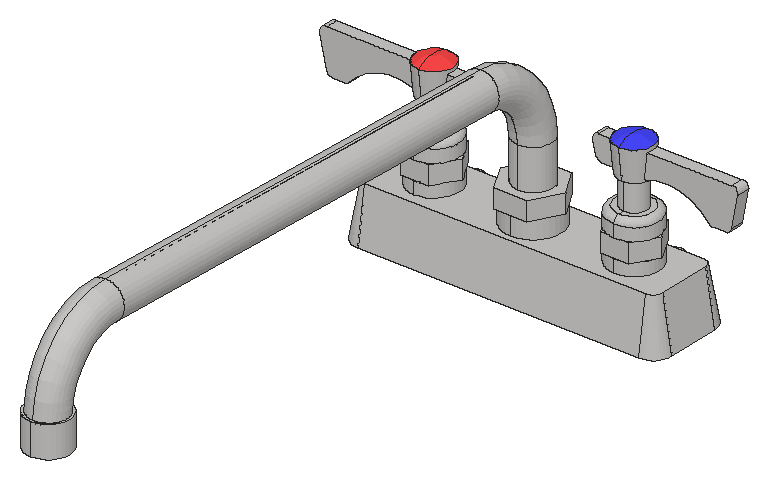
Revit family "Krowne_15-312L_DeckMount_Faucet", category Plumbing Fixtures, Revit 2018
Family settings
  Round Connector Dimension = Use Diameter
  Part Type = Normal
  OmniClass Number = 23.40.40.00
  OmniClass Title = Food Service Equipment and Furnishings
  Work Plane-Based = No
  Always vertical = Yes
  Cut with Voids When Loaded = No
  Shared = No
  Room Calculation Point = No
Parameters (values of type "DefaultType")
  Width = 8 3/8"
  Weight in Pounds = 5
  Watermarked By = ""
  Waste Water Discharge Temperature [instance] = -459.67 °F
  URL Cutsheet = ""
  URL = "https://krowne.com/"
  Status [instance] = ""
  Specification by User [instance] = ""
  Specification by Manufacturer [instance] = ""
  Serial Number [instance] = ""
  Revision Code [instance] = ""
  Plumbing Remarks [instance] = ""
  Plumbing Connection Type = ""
  NAFEM Spec ID Number [instance] = ""
  Model = "15-312L"
  Masterspec [instance] = ""
  Manufacturer = "Krowne Metal"
  KCLRef = "KCL2C9,,0004c583-0000-0000-0000-000000000307,KR,15-312L ,637100825740000000,7a8027bf-3874-4673-acdb-d9371917d36c,e6f9e9fa-511f-4de2-8b29-0007d3bab7ea"
  KCL SpecSheet URL = "http://kclweb.kclcad.com/imagehandler.ashx?kdoc=15-3xxl&R=KR&M=15-312L%20&VC=7&TID=KCLWeb&T=doc"
  Item Number [instance] = "-"
  Installed By [instance] = ""
  Hot Water Temperature = 100 °F
  Hot Water Size = 1/2"
  Hot Water RI Height [instance] = 0"
  Hot Water Minimum Pressure = 0.00 psi
  Hot Water Maximum Pressure = 0.00 psi
  Hot Water Flow = 1.8 GPM
  Hot Water Consumption = 0 GPM
  Hot Water Connection Height = 0"
  Height = 3 3/8"
  Furnished By [instance] = ""
  Foodservice Equipment Identifier = yes
  Description = "Deck Mount Faucet"
  Depth = 1 7/8"
  Cold Water Temperature Recommended = -459.67 °F
  Cold Water Size = 1/2"
  Cold Water RI Height [instance] = 0"
  Cold Water Minimum Pressure = 0.00 psi
  Cold Water Maximum Pressure = 0.00 psi
  Cold Water Flow = 1.8 GPM
  Cold Water Consumption = ""
  Cold Water Connection Height = 0"
  CSI MasterFormat = ""
  Assembly Code = "E1090300"
Reference planes (in)
  plane 1 "BACK": y = 0
  plane 2: z = 0
  plane 3 "LEFT": x = -16.75323
  plane 4 "RIGHT": x = -8.37823
  plane 5 "FRONT": y = -1.875
  plane 6 "TOP": z = 3.375
  plane 7 "CENTER L/R": x = -12.56573
  plane 8 "Top of Body": z = 1.0625
  plane 9: y = -0.9375
  plane 10: z = 2.375
  plane 11: y = -13.0625
  plane 12: z = 4.75
Forms (in)
  Sweep 1, solid, material "QF_Stainless-Polished"
    path origin (-12.56573, 0, 0) x (0, 1, 0) y (0, 0, 1)
      loop
        line (-0.9375, 1.0625) -> (-0.9375, 2.61836)
        arc (-0.9375, 2.61836) -> (-1.32099, 3.57101) -> (-2.25754, 3.99227) r 1.375
        line (-2.25754, 3.99227) -> (-11.63254, 4.36727)
        arc (-11.63254, 4.36727) -> (-12.64014, 3.98488) -> (-13.0625, 2.99336) r 1.375
        line (-13.0625, 2.99336) -> (-13.0625, 2.375)
    profile origin (-12.56573, -0.9375, 1.84043) x (0, -1, 0) y (1, 0, 0)
      loop
        circle (0, 0) r 0.375
      loop
        circle (0, 0) r 0.25
  Extrusion 2, solid, material "QF_Stainless-Polished"
    sketch origin (0, 0, 1.0625) x (0, 1, 0) y (-1, 0, 0)
      loop
        circle (-0.9375, 12.56573) r 0.375
      loop
        circle (-0.9375, 12.56573) r 0.4375
    from 0 to 0.625
  Extrusion 3, solid, material "QF_Stainless-Polished"
    sketch origin (0, 0, 1.0625) x (0, 1, 0) y (-1, 0, 0)
      loop
        circle (-0.9375, 12.56573) r 0.5625
      loop
        circle (-0.9375, 12.56573) r 0.375
    from 0 to 0.375
  Extrusion 4, solid, material "QF_Stainless-Polished"
    sketch origin (0, 0, 1.4375) x (0, 1, 0) y (-1, 0, 0)
      loop
        line (-0.9375, 11.91391) -> (-0.37301, 12.23982) -> (-0.37301, 12.89163) -> (-0.9375, 13.21754) -> (-1.50199, 12.89163) -> (-1.50199, 12.23982) -> (-0.9375, 11.91391)
      loop
        circle (-0.9375, 12.56573) r 0.375
    from 0 to 0.375
  Extrusion 5, solid, material "QF_Stainless-Polished"
    sketch origin (-12.56573, -13.0625, 2.375) x (0, -1, 0) y (-1, 0, 0)
      loop
        circle (0, 0) r 0.375
      loop
        circle (0, 0) r 0.4375
    from 0 to -0.625
Lines and regions (in)
  symbolic lines
    curve 1: line (-12.23982, -0.37301, 0) -> (-12.89163, -0.37301, 0)
    curve 2: line (-12.89163, -0.37301, 0) -> (-13.21754, -0.9375, 0)
    curve 3: line (-13.21754, -0.9375, 0) -> (-12.94073, -1.41696, 0)
    curve 4: line (-12.19073, -1.41696, 0) -> (-11.91391, -0.9375, 0)
    curve 5: line (-11.91391, -0.9375, 0) -> (-12.23982, -0.37301, 0)
    curve 6: arc (-12.56573, -1.3125, 0) -> (-12.94073, -0.9375, 0) -> (-12.56573, -0.5625, 0) r 0.375
    curve 7: arc (-12.56573, -0.5625, 0) -> (-12.19073, -0.9375, 0) -> (-12.56573, -1.3125, 0) r 0.375
    curve 8: arc (-12.94073, -13.0625, 0) -> (-12.83089, -13.32767, 0) -> (-12.56573, -13.4375, 0) r 0.375
    curve 9: arc (-12.56573, -13.4375, 0) -> (-12.30056, -13.32767, 0) -> (-12.19073, -13.0625, 0) r 0.375
    curve 10: line (-12.94073, -13.0625, 0) -> (-12.94073, -0.9375, 0)
    curve 11: line (-12.19073, -0.9375, 0) -> (-12.19073, -13.0625, 0)
Dimensions and locks (in)
  "Width": plane 3 "LEFT" to plane 4 "RIGHT"
  "Depth": plane 5 "FRONT" to plane 1 "BACK"
  "Height": plane 6 "TOP" to plane 2
  plane 8 "Top of Body" to level = 1 1/16"
  equal spacing: plane 5 "FRONT", plane 9, plane 1 "BACK"
  equal spacing: plane 3 "LEFT", plane 7 "CENTER L/R", plane 4 "RIGHT"
  plane 10 to plane 8 "Top of Body" = 1 5/16"
  plane 11 to plane 1 "BACK" = 13 1/16"
  plane 12 to plane 8 "Top of Body" = 3 11/16"
  aligned and locked: level to plane 2
  aligned and locked: plane 9 to Sweep 1 sketch curve
  aligned and locked: Sweep 1 sketch curve to plane 11
  aligned and locked: plane 10 to Sweep 1 sketch curve
Automatic sketch dimensions
  Sweep 1 sketch curve to Sweep 1 sketch curve = 0"  (x2)
  Sweep 1 sketch curve to plane 7 "CENTER L/R" = 0"
  Sweep 1 sketch curve to profile plane = 0"
  Extrusion 2 sketch curve to Extrusion 2 sketch curve = 0"  (x2)
  Extrusion 2 sketch curve to plane 7 "CENTER L/R" = 0"
  plane 9 to Extrusion 2 sketch curve = 0"
  Extrusion 4 sketch curve to Extrusion 4 sketch curve = 0"  (x2)
  Extrusion 4 sketch curve to Extrusion 4 sketch curve = 0.56449"  (x2)
  Extrusion 4 sketch curve to Extrusion 4 sketch curve = 0.32591"  (x5)
  Extrusion 4 sketch curve to Extrusion 4 sketch curve = 0.65182"
  curve 8 to curve 9 = 0"
  plane 9 to curve 2 = 0"
  plane 11 to curve 10 = 0"
  plane 9 to curve 10 = 0"
  curve 6 to plane 7 "CENTER L/R" = 0"
  plane 9 to curve 11 = 0"
  plane 9 to curve 4 = 0"
  plane 9 to curve 6 = 0"
  curve 1 to plane 7 "CENTER L/R" = 0.32591"
  curve 10 to curve 8 = 3/8"
  curve 3 to curve 10 = 0.27682"
  plane 7 "CENTER L/R" to curve 5 = 0.32591"
  curve 11 to curve 4 = 0.27682"
  plane 1 "BACK" to curve 1 = 0.37301"
  curve 3 to curve 6 = 0.10446"
  curve 4 to curve 6 = 0.10446"
  Extrusion 3 sketch curve to Extrusion 3 sketch curve = 0"  (x2)
  Extrusion 3 sketch curve to plane 7 "CENTER L/R" = 0"
  plane 9 to Extrusion 3 sketch curve = 0"
  Sweep 1 sketch curve to plane 8 "Top of Body" = 0"
  Sweep 1 sketch curve to plane 6 "TOP" = 0.38164"
  Sweep 1 sketch curve to plane 12 = 0.38273"
  Sweep 1 sketch curve to Sweep 1 sketch curve = 0.05496"
  plane 5 "FRONT" to Sweep 1 sketch curve = 7/16"
  plane 5 "FRONT" to Sweep 1 sketch curve = 0.38254"
  plane 10 to Sweep 1 sketch curve = 0.24336"
  radius of Sweep 1 sketch curve = 3/8"
  radius of Sweep 1 sketch curve = 1/4"
  radius of Extrusion 2 sketch curve = 3/8"
  radius of Extrusion 2 sketch curve = 7/16"
  radius of Extrusion 4 sketch curve to Extrusion 3 = 0"
  radius of Extrusion 5 sketch curve to Sweep 1 = 0"
  radius of Sweep 1 to Extrusion 5 sketch curve = 1/16"
  radius of Extrusion 3 sketch curve = 9/16"
  radius of Extrusion 3 sketch curve = 3/8"
Nested families (in)
  nested 1: "QF_Krowne_15-3_Body" at (-0.1875, 0, 0), type "QF_Krowne_15-3_Body"
Connectors (in)
  piping at (-14.56573, 0.25, 0.53125), diameter 0.5, driven by "Hot Water Flow", driven by "Hot Water Size"
    settings: on nested 1, index 1, connector inside diameter 24", connector length 0", flow factor 0, pipe flow 1.8 GPM, pressure drop 0.00 psi, fitting loss kfactor 0, connector angle 0.00°, fixture units 0, engagement length 0", angle of deflection 0.00°, flow configuration 1, flow direction 1, fitting loss method 0, system type 19, joint type 0, gender type 0, connector reference index -1, connector utility 0, adjustable connector no, is connector primary yes, connector description "HOT WATER"
  piping at (-10.56573, 0.25, 0.53125), diameter 0.5, driven by "Cold Water Flow", driven by "Cold Water Size"
    settings: on nested 1, index 2, connector inside diameter 24", connector length 0", flow factor 0, pipe flow 1.8 GPM, pressure drop 0.00 psi, fitting loss kfactor 0, connector angle 0.00°, fixture units 0, engagement length 0", angle of deflection 0.00°, flow configuration 1, flow direction 1, fitting loss method 0, system type 20, joint type 0, gender type 0, connector reference index -1, connector utility 0, adjustable connector no, is connector primary no, connector description "COLD WATER"
Definition of nested family "QF_Krowne_15-3_Body"
  Parameters (values of type "QF_Krowne_15-3_Body")
    Width = 8 5/16"
    Watermarked By = ""
    Height = 3 7/8"
    Description = ""
    Depth = 1 13/16"
  Reference planes (in)
    plane 1 "BACK": y = 0
    plane 2: z = 0
    plane 3 "LEFT": x = -16.53448
    plane 4 "RIGHT": x = -8.22198
    plane 5 "TOP": z = 3.1875
    plane 6 "Center": x = -12.37823
    plane 7 "Left of Handle": x = -14.37823
    plane 8 "Right of Handle": x = -10.37823
    plane 9 "Top of Body": z = 1.0625
    plane 10 "FRONT": y = -1.8125
    plane 11: x = -15.56573
    plane 12: x = -9.19073
    plane 13 "Faucet Handle Center": y = -0.90625
    plane 14: y = -0.78125
    plane 15: y = -1.03125
    plane 16: z = 0.53125
    plane 17: z = 3.375
  Forms (in)
    Blend 1, solid
      base sketch origin (0, 0, 0) x (1, 0, 0) y (0, 1, 0)
        loop
          line (-15.19073, -1.8125) -> (-9.56573, -1.8125)
          arc (-9.56573, -1.8125) -> (-9.30056, -1.70267) -> (-9.19073, -1.4375) r 0.375
          line (-9.19073, -1.4375) -> (-9.19073, -0.375)
          arc (-9.19073, -0.375) -> (-9.30056, -0.10983) -> (-9.56573, 0) r 0.375
          line (-9.56573, 0) -> (-15.19073, 0)
          arc (-15.19073, 0) -> (-15.45589, -0.10983) -> (-15.56573, -0.375) r 0.375
          line (-15.56573, -0.375) -> (-15.56573, -1.4375)
          arc (-15.56573, -1.4375) -> (-15.45589, -1.70267) -> (-15.19073, -1.8125) r 0.375
      top sketch origin (0, 0, 0) x (1, 0, 0) y (0, 1, 0)
        loop
          arc (-15.37823, -1.4375) -> (-15.32331, -1.57008) -> (-15.19073, -1.625) r 0.1875
          line (-15.19073, -1.625) -> (-9.56573, -1.625)
          arc (-9.56573, -1.625) -> (-9.43314, -1.57008) -> (-9.37823, -1.4375) r 0.1875
          line (-9.37823, -1.4375) -> (-9.37823, -0.375)
          arc (-9.37823, -0.375) -> (-9.43314, -0.24242) -> (-9.56573, -0.1875) r 0.1875
          line (-9.56573, -0.1875) -> (-15.19073, -0.1875)
          arc (-15.19073, -0.1875) -> (-15.32331, -0.24242) -> (-15.37823, -0.375) r 0.1875
          line (-15.37823, -0.375) -> (-15.37823, -1.4375)
      from 0 to 1.0625
    Extrusion 2, solid
      sketch origin (0, 0, 1.0625) x (0, 1, 0) y (-1, 0, 0)
        loop
          circle (-0.90625, 14.37823) r 0.5
        loop
          circle (-0.90625, 10.37823) r 0.5
      from 0 to 0.25
    Extrusion 3, solid
      sketch origin (0, 0, 1.3125) x (0, 1, 0) y (-1, 0, 0)
        loop
          line (-0.90625, 13.81573) -> (-0.41911, 14.09698) -> (-0.41911, 14.65948) -> (-0.90625, 14.94073) -> (-1.39339, 14.65948) -> (-1.39339, 14.09698) -> (-0.90625, 13.81573)
        loop
          line (-0.90625, 9.81573) -> (-0.41911, 10.09698) -> (-0.41911, 10.65948) -> (-0.90625, 10.94073) -> (-1.39339, 10.65948) -> (-1.39339, 10.09698) -> (-0.90625, 9.81573)
      from 0 to 0.375
    Revolve 4, solid
      sketch origin (-14.37823, 0, 0) x (0, 1, 0) y (0, 0, 1)
        loop
          line (-0.90625, 1.6875) -> (-0.40625, 1.6875) -> (-0.40625, 1.9375)
          arc (-0.40625, 1.9375) -> (-0.44286, 2.02589) -> (-0.53125, 2.0625) r 0.125
          line (-0.53125, 2.0625) -> (-0.90625, 2.0625) -> (-0.90625, 1.6875)
        axis (-0.90625, 1.6875) -> (-0.90625, 2.0625)
      angle from 0 to 360
    Revolve 5, solid
      sketch origin (-10.37823, 0, 0) x (0, 1, 0) y (0, 0, 1)
        loop
          line (-0.90625, 1.6875) -> (-0.40625, 1.6875) -> (-0.40625, 1.9375)
          arc (-0.40625, 1.9375) -> (-0.44286, 2.02589) -> (-0.53125, 2.0625) r 0.125
          line (-0.53125, 2.0625) -> (-0.90625, 2.0625) -> (-0.90625, 1.6875)
        axis (-0.90625, 1.6875) -> (-0.90625, 2.0625)
      angle from 0 to 360
    Revolve 6, solid
      sketch origin (-10.37823, 0, 0) x (0, 1, 0) y (0, 0, 1)
        loop
          line (-0.90625, 2.0625) -> (-0.65625, 2.0625) -> (-0.65625, 2.625) -> (-0.90625, 2.625) -> (-0.90625, 2.0625)
        axis (-0.90625, 2.0625) -> (-0.90625, 2.625)
      angle from 0 to 360
    Revolve 7, solid
      sketch origin (-14.37823, 0, 0) x (0, 1, 0) y (0, 0, 1)
        loop
          line (-0.90625, 2.0625) -> (-0.65625, 2.0625) -> (-0.65625, 2.625) -> (-0.90625, 2.625) -> (-0.90625, 2.0625)
        axis (-0.90625, 2.0625) -> (-0.90625, 2.625)
      angle from 0 to 360
    Revolve 8, solid
      sketch origin (-14.37823, 0, 0) x (0, 1, 0) y (0, 0, 1)
        loop
          line (-0.90625, 2.625) -> (-0.59375, 2.625) -> (-0.53125, 3.25) -> (-0.90625, 3.25) -> (-0.90625, 2.625)
        axis (-0.90625, 2.625) -> (-0.90625, 3.25)
      angle from 0 to 360
    Revolve 9, solid
      sketch origin (-10.37823, 0, 0) x (0, 1, 0) y (0, 0, 1)
        loop
          line (-0.90625, 2.625) -> (-0.59375, 2.625) -> (-0.53125, 3.25) -> (-0.90625, 3.25) -> (-0.90625, 2.625)
        axis (-0.90625, 2.625) -> (-0.90625, 3.25)
      angle from 0 to 360
    Revolve 10, solid
      sketch origin (-14.37823, 0, 0) x (0, 1, 0) y (0, 0, 1)
        loop
          line (-0.90625, 3.25) -> (-0.53125, 3.25)
          arc (-0.53125, 3.25) -> (-0.70704, 3.34763) -> (-0.90625, 3.375) r 0.54601
          line (-0.90625, 3.375) -> (-0.90625, 3.25)
        axis (-0.90625, 3.25) -> (-0.90625, 3.375)
      angle from 0 to 360
    Revolve 11, solid
      sketch origin (-10.37823, 0, 0) x (0, 1, 0) y (0, 0, 1)
        loop
          line (-0.90625, 3.25) -> (-0.53125, 3.25)
          arc (-0.53125, 3.25) -> (-0.70704, 3.34763) -> (-0.90625, 3.375) r 0.54601
          line (-0.90625, 3.375) -> (-0.90625, 3.25)
        axis (-0.90625, 3.25) -> (-0.90625, 3.375)
      angle from 0 to 360
    Extrusion 12, solid
      sketch origin (0, 0, 0) x (1, 0, 0) y (0, 0, 1)
        loop
          circle (-14.37823, 0.53125) r 0.25
        loop
          circle (-10.37823, 0.53125) r 0.25
      from 0.21074 to -0.25
    Extrusion 13, solid
      sketch origin (0, -0.90625, 0) x (1, 0, 0) y (0, 0, 1)
        loop
          arc (-16.43825, 3.1875) -> (-16.53492, 3.14175) -> (-16.56082, 3.03799) r 0.125
          line (-16.56082, 3.03799) -> (-16.43584, 2.41303)
          arc (-16.43584, 2.41303) -> (-16.39251, 2.34087) -> (-16.31326, 2.31254) r 0.125
          line (-16.31326, 2.31254) -> (-16.06338, 2.31254)
          arc (-16.06338, 2.31254) -> (-16.01059, 2.32423) -> (-15.96768, 2.35712) r 0.125
          arc (-15.96768, 2.35712) -> (-15.39497, 2.72229) -> (-14.7163, 2.69449) r 1.13354
          arc (-14.7163, 2.69449) -> (-14.69547, 2.68898) -> (-14.674, 2.68712) r 0.125
          line (-14.674, 2.68712) -> (-13.83077, 2.68712)
          arc (-13.83077, 2.68712) -> (-13.75152, 2.71545) -> (-13.7082, 2.78761) r 0.125
          line (-13.7082, 2.78761) -> (-13.65813, 3.03799)
          arc (-13.65813, 3.03799) -> (-13.68403, 3.14175) -> (-13.7807, 3.1875) r 0.125
          line (-13.7807, 3.1875) -> (-16.43825, 3.1875)
        loop
          line (-8.3182, 3.1875) -> (-10.97575, 3.1875)
          arc (-10.97575, 3.1875) -> (-11.07242, 3.14175) -> (-11.09832, 3.03799) r 0.125
          line (-11.09832, 3.03799) -> (-11.04825, 2.78761)
          arc (-11.04825, 2.78761) -> (-11.00493, 2.71545) -> (-10.92568, 2.68712) r 0.125
          line (-10.92568, 2.68712) -> (-10.08245, 2.68712)
          arc (-10.08245, 2.68712) -> (-10.06098, 2.68898) -> (-10.04015, 2.69449) r 0.125
          arc (-10.04015, 2.69449) -> (-9.36148, 2.72229) -> (-8.78877, 2.35712) r 1.13354
          arc (-8.78877, 2.35712) -> (-8.74586, 2.32423) -> (-8.69307, 2.31254) r 0.125
          line (-8.69307, 2.31254) -> (-8.44319, 2.31254)
          arc (-8.44319, 2.31254) -> (-8.36394, 2.34087) -> (-8.32061, 2.41303) r 0.125
          line (-8.32061, 2.41303) -> (-8.19563, 3.03799)
          arc (-8.19563, 3.03799) -> (-8.22153, 3.14175) -> (-8.3182, 3.1875) r 0.125
      from -0.125 to 0.125
  Lines and regions (in)
    symbolic lines
      curve 1: line (-16.56082, -0.78125, 1.0625) -> (-13.6557, -0.78125, 1.0625)
      curve 2: line (-16.56082, -1.03125, 1.0625) -> (-16.56082, -0.78125, 1.0625)
      curve 3: line (-13.6557, -1.03125, 1.0625) -> (-16.56082, -1.03125, 1.0625)
      curve 4: line (-13.6557, -0.78125, 1.0625) -> (-13.6557, -1.03125, 1.0625)
      curve 5: line (-8.22198, -0.78125, 1.0625) -> (-11.10075, -0.78125, 1.0625)
      curve 6: line (-8.22198, -1.03125, 1.0625) -> (-8.22198, -0.78125, 1.0625)
      curve 7: line (-11.10075, -1.03125, 1.0625) -> (-8.22198, -1.03125, 1.0625)
      curve 8: line (-11.10075, -0.78125, 1.0625) -> (-11.10075, -1.03125, 1.0625)
      curve 9: line (-9.56573, 0, 1.0625) -> (-15.19073, 0, 1.0625)
      curve 10: line (-9.19073, -1.4375, 1.0625) -> (-9.19073, -1.03125, 1.0625)
      curve 11: line (-15.19073, -1.8125, 1.0625) -> (-9.56573, -1.8125, 1.0625)
      curve 12: line (-15.56573, -0.375, 1.0625) -> (-15.56573, -0.78125, 1.0625)
      curve 13: line (-15.56573, -1.03125, 1.0625) -> (-15.56573, -1.4375, 1.0625)
      curve 14: line (-9.19073, -0.78125, 1.0625) -> (-9.19073, -0.375, 1.0625)
      curve 15: line (-14.65948, -0.41911, 1.0625) -> (-14.86856, -0.78125, 1.0625)
      curve 16: line (-14.65948, -0.41911, 1.0625) -> (-14.09698, -0.41911, 1.0625)
      curve 17: line (-14.09698, -0.41911, 1.0625) -> (-13.88789, -0.78125, 1.0625)
      curve 18: line (-14.09698, -1.39339, 1.0625) -> (-14.65948, -1.39339, 1.0625)
      curve 19: line (-14.65948, -1.39339, 1.0625) -> (-14.86856, -1.03125, 1.0625)
      curve 20: line (-14.09698, -1.39339, 1.0625) -> (-13.88789, -1.03125, 1.0625)
      curve 21: line (-10.65948, -0.41911, 1.0625) -> (-10.09698, -0.41911, 1.0625)
      curve 22: line (-10.09698, -0.41911, 1.0625) -> (-9.88789, -0.78125, 1.0625)
      curve 23: line (-10.65948, -0.41911, 1.0625) -> (-10.86856, -0.78125, 1.0625)
      curve 24: line (-10.09698, -1.39339, 1.0625) -> (-10.65948, -1.39339, 1.0625)
      curve 25: line (-10.65948, -1.39339, 1.0625) -> (-10.86856, -1.03125, 1.0625)
      curve 26: line (-10.09698, -1.39339, 1.0625) -> (-9.88789, -1.03125, 1.0625)
      curve 27: arc (-15.56573, -0.375, 1.0625) -> (-15.45589, -0.10983, 1.0625) -> (-15.19073, 0, 1.0625) r 0.375
      curve 28: arc (-9.19073, -0.375, 1.0625) -> (-9.30056, -0.10983, 1.0625) -> (-9.56573, 0, 1.0625) r 0.375
      curve 29: arc (-9.19073, -1.4375, 1.0625) -> (-9.30056, -1.70267, 1.0625) -> (-9.56573, -1.8125, 1.0625) r 0.375
      curve 30: arc (-15.19073, -1.8125, 1.0625) -> (-15.45589, -1.70267, 1.0625) -> (-15.56573, -1.4375, 1.0625) r 0.375
      curve 31: line (-9.56573, -0.1875, 1.0625) -> (-15.19073, -0.1875, 1.0625)
      curve 32: arc (-15.19073, -0.1875, 1.0625) -> (-15.32331, -0.24242, 1.0625) -> (-15.37823, -0.375, 1.0625) r 0.1875
      curve 33: arc (-15.37823, -1.4375, 1.0625) -> (-15.32331, -1.57008, 1.0625) -> (-15.19073, -1.625, 1.0625) r 0.1875
      curve 34: line (-15.19073, -1.625, 1.0625) -> (-9.56573, -1.625, 1.0625)
      curve 35: arc (-9.56573, -1.625, 1.0625) -> (-9.43314, -1.57008, 1.0625) -> (-9.37823, -1.4375, 1.0625) r 0.1875
      curve 36: arc (-9.37823, -0.375, 1.0625) -> (-9.43314, -0.24242, 1.0625) -> (-9.56573, -0.1875, 1.0625) r 0.1875
      curve 37: line (-9.37823, -0.375, 1.0625) -> (-9.37823, -0.78125, 1.0625)
      curve 38: line (-9.37823, -1.4375, 1.0625) -> (-9.37823, -1.03125, 1.0625)
      curve 39: line (-15.37823, -1.4375, 1.0625) -> (-15.37823, -1.03125, 1.0625)
      curve 40: line (-15.37823, -0.375, 1.0625) -> (-15.37823, -0.78125, 1.0625)
  Dimensions and locks (in)
    "Width": plane 3 "LEFT" to plane 4 "RIGHT"
    equal spacing: plane 3 "LEFT", plane 6 "Center", plane 4 "RIGHT"
    equal spacing: plane 7 "Left of Handle", plane 6 "Center", plane 8 "Right of Handle"
    plane 9 "Top of Body" to level = 1 1/16"
    equal spacing: plane 10 "FRONT", plane 13 "Faucet Handle Center", plane 1 "BACK"
    equal spacing: plane 15, plane 13 "Faucet Handle Center", plane 14
    locked: plane 15 to plane 14 at 0.25
    equal spacing: plane 9 "Top of Body", plane 16, level
    plane 7 "Left of Handle" to plane 8 "Right of Handle" = 4"
    "Depth": plane 10 "FRONT" to plane 1 "BACK"
    plane 6 "Center" to plane 12 = 3 3/16"
    plane 11 to plane 6 "Center" = 3 3/16"
    plane 5 "TOP" to level = 3 3/16"
    plane 17 to level = 3 3/8"
    aligned and locked: level to plane 2
    aligned and locked: plane 9 "Top of Body" to Blend 1
    aligned and locked: Extrusion 3 to Revolve 5 sketch curve
    aligned and locked: Revolve 8 sketch curve to Revolve 8 sketch curve
    aligned and locked: Revolve 9 sketch curve to Revolve 9 sketch curve
    aligned and locked: plane 4 "RIGHT" to curve 6
    aligned and locked: curve 12 to plane 11
    aligned and locked: Extrusion 13 sketch curve to plane 5 "TOP"
    aligned and locked: plane 5 "TOP" to Extrusion 13 sketch curve
    aligned and locked: Extrusion 13 to plane 14
    aligned and locked: plane 15 to Extrusion 13
    aligned and locked: plane 10 "FRONT" to Blend 1 sketch curve
    aligned and locked: Blend 1 sketch curve to plane 11
    aligned and locked: plane 10 "FRONT" to curve 11
    aligned and locked: plane 13 "Faucet Handle Center" to Revolve 5 sketch curve
  Automatic sketch dimensions
    Extrusion 2 sketch curve to plane 8 "Right of Handle" = 0"
    plane 13 "Faucet Handle Center" to Extrusion 2 sketch curve = 0"  (x2)
    Extrusion 2 sketch curve to plane 7 "Left of Handle" = 0"
    Revolve 4 sketch curve to plane 13 "Faucet Handle Center" = 0"  (x2)
    Revolve 4 sketch curve to Revolve 4 sketch curve = 3/8"
    Revolve 4 sketch curve to Revolve 4 sketch curve = 1/8"
    plane 9 "Top of Body" to Revolve 4 sketch curve = 5/8"
    Revolve 4 sketch curve to Revolve 4 sketch curve = 1/4"
    Revolve 4 sketch curve to Revolve 4 sketch curve = 0"  (x2)
    Revolve 5 sketch curve to plane 13 "Faucet Handle Center" = 0"
    Revolve 5 sketch curve to Revolve 5 sketch curve = 3/8"
    Revolve 5 sketch curve to Revolve 5 sketch curve = 1/8"
    Revolve 5 sketch curve to Revolve 5 sketch curve = 0"  (x2)
    Revolve 5 sketch curve to Revolve 5 sketch curve = 1/4"
    Revolve 6 sketch curve to plane 13 "Faucet Handle Center" = 0"  (x2)
    Revolve 6 sketch curve to plane 13 "Faucet Handle Center" = 1/4"
    plane 9 "Top of Body" to Revolve 6 sketch curve = 1"
    Revolve 6 sketch curve to Revolve 6 sketch curve = 9/16"
    Revolve 6 sketch curve to Revolve 6 sketch curve = 3/8"
    Revolve 6 sketch curve to Revolve 6 sketch curve = 0"
    Revolve 7 sketch curve to plane 13 "Faucet Handle Center" = 0"  (x2)
    Revolve 7 sketch curve to Revolve 7 sketch curve = 1/4"
    plane 9 "Top of Body" to Revolve 7 sketch curve = 1"
    Revolve 7 sketch curve to Revolve 7 sketch curve = 9/16"
    Revolve 7 sketch curve to Revolve 7 sketch curve = 3/8"
    Revolve 7 sketch curve to Revolve 7 sketch curve = 0"
    Revolve 8 sketch curve to plane 13 "Faucet Handle Center" = 0"
    Revolve 8 sketch curve to Revolve 8 sketch curve = 5/16"
    plane 5 "TOP" to Revolve 8 sketch curve = 1/16"
    Revolve 8 sketch curve to Revolve 8 sketch curve = 3/8"
    Revolve 8 sketch curve to plane 5 "TOP" = 9/16"
    Revolve 8 sketch curve to Revolve 8 sketch curve = 0"  (x2)
    Revolve 9 sketch curve to plane 13 "Faucet Handle Center" = 0"
    Revolve 9 sketch curve to plane 13 "Faucet Handle Center" = 5/16"
    plane 5 "TOP" to Revolve 9 sketch curve = 1/16"
    Revolve 9 sketch curve to plane 13 "Faucet Handle Center" = 3/8"
    Revolve 9 sketch curve to plane 5 "TOP" = 9/16"
    Revolve 9 sketch curve to Revolve 9 sketch curve = 0"  (x2)
    Revolve 10 sketch curve to plane 13 "Faucet Handle Center" = 0"  (x2)
    Revolve 10 sketch curve to plane 13 "Faucet Handle Center" = 0.02655"
    plane 5 "TOP" to Revolve 10 sketch curve = 1/16"
    Revolve 10 sketch curve to Revolve 10 sketch curve = 3/8"
    Revolve 10 sketch curve to plane 5 "TOP" = 0.35786"
    Revolve 10 sketch curve to Revolve 10 sketch curve = 0"  (x2)
    Revolve 11 sketch curve to plane 13 "Faucet Handle Center" = 0"  (x2)
    Revolve 11 sketch curve to plane 13 "Faucet Handle Center" = 0.02655"
    plane 5 "TOP" to Revolve 11 sketch curve = 1/16"
    Revolve 11 sketch curve to Revolve 11 sketch curve = 3/8"
    Revolve 11 sketch curve to plane 5 "TOP" = 0.35786"
    Revolve 11 sketch curve to Revolve 11 sketch curve = 0"  (x2)
    Extrusion 12 sketch curve to plane 7 "Left of Handle" = 0"
    Extrusion 12 sketch curve to plane 8 "Right of Handle" = 0"
    Extrusion 12 sketch curve to plane 16 = 0"  (x2)
    Extrusion 13 sketch curve to plane 7 "Left of Handle" = 0.29578"
    plane 11 to Extrusion 13 sketch curve = 0.46583"
    plane 3 "LEFT" to Extrusion 13 sketch curve = 0.4711"
    plane 3 "LEFT" to Extrusion 13 sketch curve = 0.22121"
    plane 3 "LEFT" to Extrusion 13 sketch curve = 0.09864"
    plane 3 "LEFT" to Extrusion 13 sketch curve = 0.09623"
    Extrusion 13 sketch curve to plane 3 "LEFT" = 0.02635"
    plane 7 "Left of Handle" to Extrusion 13 sketch curve = 0.54745"
    Extrusion 13 sketch curve to plane 5 "TOP" = 1/8"  (x2)
    Extrusion 13 sketch curve to Extrusion 13 sketch curve = 0.05007"  (x2)
    Extrusion 13 sketch curve to plane 5 "TOP" = 0.39989"
    Extrusion 13 sketch curve to Extrusion 13 sketch curve = 0.12257"  (x2)
    Extrusion 13 sketch curve to plane 5 "TOP" = 0.14951"  (x4)
    Extrusion 13 sketch curve to plane 8 "Right of Handle" = 0.7201"
    plane 8 "Right of Handle" to Extrusion 13 sketch curve = 0.29578"
    Extrusion 13 sketch curve to plane 12 = 0.46583"
    Extrusion 13 sketch curve to plane 4 "RIGHT" = 0.4711"
    Extrusion 13 sketch curve to plane 4 "RIGHT" = 0.22121"
    Extrusion 13 sketch curve to plane 4 "RIGHT" = 0.09864"
    Extrusion 13 sketch curve to plane 4 "RIGHT" = 0.09623"
    plane 4 "RIGHT" to Extrusion 13 sketch curve = 0.02635"
    Extrusion 13 sketch curve to Extrusion 13 sketch curve = 0.25038"
    Extrusion 13 sketch curve to Extrusion 13 sketch curve = 0.10049"  (x2)
    Extrusion 13 sketch curve to plane 5 "TOP" = 0.74996"  (x2)
    Extrusion 13 sketch curve to Extrusion 13 sketch curve = 0"  (x4)
    Extrusion 13 sketch curve to Extrusion 13 sketch curve = 0.02451"  (x2)
    plane 9 "Top of Body" to Extrusion 13 sketch curve = 0.56533"  (x2)
    Extrusion 13 sketch curve to Extrusion 13 sketch curve = 1/8"  (x2)
    plane 11 to Blend 1 sketch curve = 3/8"
    Blend 1 sketch curve to Blend 1 sketch curve = 3/8"
    plane 1 "BACK" to Blend 1 sketch curve = 3/8"  (x2)
    Blend 1 sketch curve to plane 12 = 3/8"
    Blend 1 sketch curve to plane 12 = 3/16"
    Blend 1 sketch curve to Blend 1 sketch curve = 3/16"  (x4)
    plane 11 to Blend 1 sketch curve = 3/16"
    Blend 1 sketch curve to plane 10 "FRONT" = 3/8"
    plane 1 "BACK" to Blend 1 sketch curve = 0"
    Blend 1 sketch curve to plane 12 = 0"
    curve 27 to curve 32 = 0"  (x2)
    curve 28 to curve 36 = 0"  (x2)
    curve 29 to curve 35 = 0"  (x2)
    curve 30 to curve 33 = 0"  (x2)
    curve 30 to plane 11 = 0"
    curve 29 to plane 12 = 0"
    plane 15 to curve 4 = 0"
    plane 15 to curve 26 = 0"
    plane 14 to curve 40 = 0"
    plane 14 to curve 23 = 0"
    curve 14 to plane 12 = 0"
    plane 1 "BACK" to curve 9 = 0"
    curve 34 to plane 10 "FRONT" = 3/16"
    curve 33 to curve 33 = 3/16"
    curve 34 to curve 35 = 3/16"
    plane 15 to curve 26 = 0.36214"
    plane 15 to curve 20 = 0.36214"
    curve 17 to plane 14 = 0.36214"
    curve 23 to plane 14 = 0.36214"
    curve 27 to curve 27 = 3/8"
    plane 1 "BACK" to curve 14 = 3/8"
    curve 31 to curve 28 = 3/16"
    plane 8 "Right of Handle" to curve 22 = 9/32"
    plane 8 "Right of Handle" to curve 24 = 9/32"
    curve 24 to plane 8 "Right of Handle" = 9/32"
    curve 21 to plane 8 "Right of Handle" = 9/32"
    curve 21 to curve 8 = 0.44128"
    plane 7 "Left of Handle" to curve 4 = 0.72253"
    plane 7 "Left of Handle" to curve 20 = 9/32"
    plane 7 "Left of Handle" to curve 17 = 9/32"
    curve 19 to plane 7 "Left of Handle" = 9/32"
    curve 16 to plane 7 "Left of Handle" = 9/32"
    curve 2 to plane 3 "LEFT" = 0.02635"
    curve 22 to curve 21 = 0.20908"
    curve 26 to curve 22 = 0"
    curve 23 to curve 5 = 0.2322"
    curve 25 to curve 7 = 0.2322"
    curve 3 to curve 20 = 0.2322"
    curve 1 to curve 17 = 0.2322"
    curve 18 to curve 19 = 0.20908"
    curve 15 to curve 19 = 0"
    Extrusion 3 sketch curve to Extrusion 3 sketch curve = 0"
    Extrusion 3 sketch curve to Extrusion 3 sketch curve = 0.48714"  (x6)
    Extrusion 3 sketch curve to Extrusion 3 sketch curve = 9/32"  (x6)
    Extrusion 3 sketch curve to Extrusion 3 sketch curve = 9/16"  (x4)
    Extrusion 3 sketch curve to Extrusion 3 sketch curve = 2 7/8"
    radius of Extrusion 2 sketch curve = 1/2"  (x2)
    radius of Extrusion 12 sketch curve = 1/4"  (x2)
